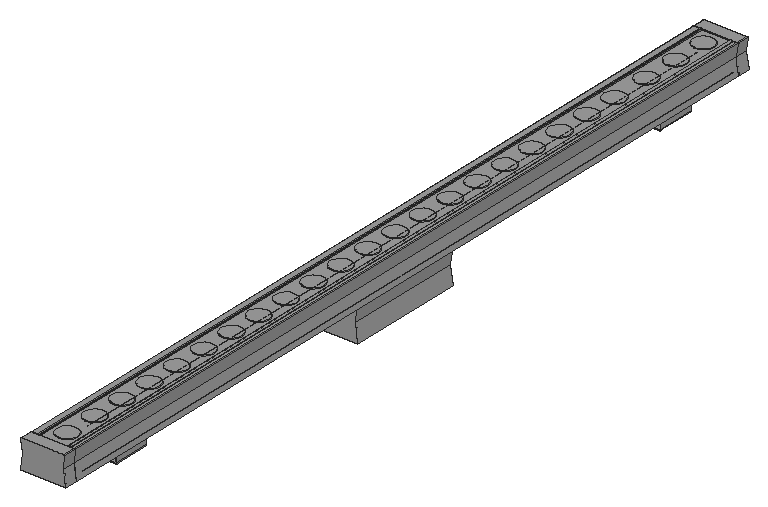
Revit family "SH-1395-80CM", category Lighting Fixtures, Revit 2017
Family settings
  Round Connector Dimension = Use Diameter
  Part Type = Normal
  OmniClass Number = 23.80.70.00
  OmniClass Title = Lighting
  Work Plane-Based = Yes
  Always vertical = No
  Cut with Voids When Loaded = No
  Light Source = No
  Shared = Yes
  Room Calculation Point = No
Parameters (values of type "Sh-1395-24W-80cm(anodized aluminum color-6500K-LED)")
  wattage = 24 W
  instalation = ""
  consumption current = 0.18 A
  color temperature = "6500K"
  color rendering index(CRI) = ""
  Width = 4.2377 cm
  Website = "www.shoaco.com"
  Voltage/Frequency = "230V/50HZ"
  URL = "https://www.shoaco.com/fa/product/%D9%BE%D8%B1%D9%88%DA%98%DA%A9%D8%AA%D9%88%D8%B1-%D9%87%D8%A7/533-%D9%88%D8%A7%D9%84-%D9%88%D8%A7%D8%B4%D8%B1-sh-1395-24LED.html"
  Type medule = "Power LED"
  Protection Class = "Class I"
  Model = "SH-1395-40cm"
  Manufacturer = "SHOA"
  Luminaire Vertical Angle [instance] = 0.00°
  Length = 82.3547 cm
  Lamp = "LED"
  IP = "IP65"
  Height = 7.345 cm
  Flicker = "Free Flicker"
  Default Elevation = 121.92 cm
  Body color = Anodize color
  Body Material = "Aluminum"
  6500K = yes
  3000K = no
  2000K = no
Types (4, lengths in cm): name | color temperature | 6500K | 3000K | 2000K
  (no name) | "6500K" | yes | no | no
  Sh-1395-24W-80cm(anodized aluminum color-3000K-LED) | "3000K" | no | yes | no
  Sh-1395-24W-80cm(anodized aluminum color-2000K-LED) | "2000K" | no | no | yes
  Sh-1395-24W-80cm(anodized aluminum color-6500K-LED) | "6500K" | yes | no | no
Reference planes (cm)
  plane 1 "Light Source Axis (F/B)": y = 0
  plane 2: z = 0
  plane 3 "Light Source Axis (L/R)": x = 0
  plane 4 "Light Source Elevation": z = 137.16
  plane 5: x = -1.2506
  plane 6: x = 2.9871
  plane 7: z = 7.345
Forms (cm)
  Extrusion 1, solid, not visible
    sketch origin (58.7935, 36.7249, 0) x (1, 0, 0) y (0, 1, 0)
      loop
        line (31.2065, 29.2751) -> (-148.7935, 29.2751) -> (-148.7935, -100.7249) -> (31.2065, -100.7249) -> (31.2065, 29.2751)
    from -8 to 0
Dimensions and locks (cm)
  "Width": plane 5 to plane 6
  "Height": plane 7 to Extrusion 1
  "Length": nested 2 to nested 2
  aligned and locked: level to plane 2
  aligned and locked: level to Extrusion 1
Automatic sketch dimensions
  plane 5 to Extrusion 1 sketch curve = 88.7494 cm
  Extrusion 1 sketch curve to plane 6 = 87.0129 cm
  plane 1 "Light Source Axis (F/B)" to Extrusion 1 sketch curve = 64.0 cm
  Extrusion 1 sketch curve to plane 1 "Light Source Axis (F/B)" = 66.0 cm
Nested families (cm)
  nested 1: "1395-80cm.ies" at (0.9072, -15.4352, 7.8177) x (0.0004, 0, -1) z (0, 1, 0), visible <- "2000K", type "1395-80cm-2000K"
  nested 2: "1395-80cm" at (0.8689, -6.1875, 3.1013) x (-1, 0, 0) z (0, 0, 1), Luminaire Vertical Angle <- "Luminaire Vertical Angle", Body color <- "Body color", type "1395-80cm"
    with Luminaire Vertical Angle 0.00°, Body color Anodize color
  nested 3: "1395-80cm.ies" at (0.9072, 38.2083, 7.823) x (0.0004, 0, -1) z (0, 1, 0), visible <- "2000K", type "1395-80cm-2000K"
  nested 4: "1395-80cm.ies" at (0.9072, 14.3283, 7.7916) x (0.0004, 0, -1) z (0, 1, 0), visible <- "2000K", type "1395-80cm-2000K"
  nested 5: "1395-80cm.ies" at (0.9072, 17.5673, 7.823) x (0.0004, 0, -1) z (0, 1, 0), visible <- "2000K", type "1395-80cm-2000K"
  nested 6: "1395-80cm.ies" at (0.9072, 20.8831, 7.823) x (0.0004, 0, -1) z (0, 1, 0), visible <- "2000K", type "1395-80cm-2000K"
  nested 7: "1395-80cm.ies" at (0.9072, 24.1006, 7.7955) x (0.0004, 0, -1) z (0, 1, 0), visible <- "2000K", type "1395-80cm-2000K"
  nested 8: "1395-80cm.ies" at (0.9072, 27.4831, 7.823) x (0.0004, 0, -1) z (0, 1, 0), visible <- "2000K", type "1395-80cm-2000K"
  nested 9: "1395-80cm.ies" at (0.9072, 31.3331, 7.823) x (0.0004, 0, -1) z (0, 1, 0), visible <- "2000K", type "1395-80cm-2000K"
  nested 10: "1395-80cm.ies" at (0.9072, 34.7981, 7.823) x (0.0004, 0, -1) z (0, 1, 0), visible <- "2000K", type "1395-80cm-2000K"
  nested 11: "1395-80cm.ies" at (0.9072, 10.9006, 7.823) x (0.0004, 0, -1) z (0, 1, 0), visible <- "2000K", type "1395-80cm-2000K"
  nested 12: "1395-80cm.ies" at (0.9072, -38.6327, 7.8901) x (0.0004, 0, -1) z (0, 1, 0), visible <- "2000K", type "1395-80cm-2000K"
  nested 13: "1395-80cm.ies" at (0.9072, -35.2471, 7.8135) x (0.0004, 0, -1) z (0, 1, 0), visible <- "2000K", type "1395-80cm-2000K"
  nested 14: "1395-80cm.ies" at (0.9072, -31.9016, 7.8089) x (0.0004, 0, -1) z (0, 1, 0), visible <- "2000K", type "1395-80cm-2000K"
  nested 15: "1395-80cm.ies" at (0.9072, -28.6642, 7.8219) x (0.0004, 0, -1) z (0, 1, 0), visible <- "2000K", type "1395-80cm-2000K"
  nested 16: "1395-80cm.ies" at (0.9072, -25.3498, 7.8019) x (0.0004, 0, -1) z (0, 1, 0), visible <- "2000K", type "1395-80cm-2000K"
  nested 17: "1395-80cm.ies" at (0.9072, -22.1203, 7.8235) x (0.0004, 0, -1) z (0, 1, 0), visible <- "2000K", type "1395-80cm-2000K"
  nested 18: "1395-80cm.ies" at (0.9072, -18.6841, 7.823) x (0.0004, 0, -1) z (0, 1, 0), visible <- "2000K", type "1395-80cm-2000K"
  nested 19: "1395-80cm.ies" at (0.9072, -12.0767, 7.8231) x (0.0004, 0, -1) z (0, 1, 0), visible <- "2000K", type "1395-80cm-2000K"
  nested 20: "1395-80cm.ies" at (0.9072, -8.8537, 7.844) x (0.0004, 0, -1) z (0, 1, 0), visible <- "2000K", type "1395-80cm-2000K"
  nested 21: "1395-80cm.ies" at (0.9072, -5.4434, 7.7398) x (0.0004, 0, -1) z (0, 1, 0), visible <- "2000K", type "1395-80cm-2000K"
  nested 22: "1395-80cm.ies" at (0.9072, -2.1995, 7.7814) x (0.0004, 0, -1) z (0, 1, 0), visible <- "2000K", type "1395-80cm-2000K"
  nested 23: "1395-80cm.ies" at (0.9072, 1.1206, 7.7817) x (0.0004, 0, -1) z (0, 1, 0), visible <- "2000K", type "1395-80cm-2000K"
  nested 24: "1395-80cm.ies" at (0.9072, 4.4022, 7.7822) x (0.0004, 0, -1) z (0, 1, 0), visible <- "2000K", type "1395-80cm-2000K"
  nested 25: "1395-80cm.ies" at (0.9072, 7.6329, 7.7822) x (0.0004, 0, -1) z (0, 1, 0), visible <- "2000K", type "1395-80cm-2000K"
  nested 26: "1395-80cm.ies" at (0.9072, 38.2083, 7.823) x (0.0004, 0, -1) z (0, 1, 0), visible <- "3000K", type "1395-80cm-3000K"
  nested 27: "1395-80cm.ies" at (0.9072, 14.3283, 7.7916) x (0.0004, 0, -1) z (0, 1, 0), visible <- "3000K", type "1395-80cm-3000K"
  nested 28: "1395-80cm.ies" at (0.9072, 17.5673, 7.823) x (0.0004, 0, -1) z (0, 1, 0), visible <- "3000K", type "1395-80cm-3000K"
  nested 29: "1395-80cm.ies" at (0.9072, 20.8831, 7.823) x (0.0004, 0, -1) z (0, 1, 0), visible <- "3000K", type "1395-80cm-3000K"
  nested 30: "1395-80cm.ies" at (0.9072, 24.1006, 7.7955) x (0.0004, 0, -1) z (0, 1, 0), visible <- "3000K", type "1395-80cm-3000K"
  nested 31: "1395-80cm.ies" at (0.9072, 27.4831, 7.823) x (0.0004, 0, -1) z (0, 1, 0), visible <- "3000K", type "1395-80cm-3000K"
  nested 32: "1395-80cm.ies" at (0.9072, 31.3331, 7.823) x (0.0004, 0, -1) z (0, 1, 0), visible <- "3000K", type "1395-80cm-3000K"
  nested 33: "1395-80cm.ies" at (0.9072, 34.7981, 7.823) x (0.0004, 0, -1) z (0, 1, 0), visible <- "3000K", type "1395-80cm-3000K"
  nested 34: "1395-80cm.ies" at (0.9072, 10.9006, 7.823) x (0.0004, 0, -1) z (0, 1, 0), visible <- "3000K", type "1395-80cm-3000K"
  nested 35: "1395-80cm.ies" at (0.9072, -38.6327, 7.8901) x (0.0004, 0, -1) z (0, 1, 0), visible <- "3000K", type "1395-80cm-3000K"
  nested 36: "1395-80cm.ies" at (0.9072, -35.2471, 7.8135) x (0.0004, 0, -1) z (0, 1, 0), visible <- "3000K", type "1395-80cm-3000K"
  nested 37: "1395-80cm.ies" at (0.9072, -31.9016, 7.8089) x (0.0004, 0, -1) z (0, 1, 0), visible <- "3000K", type "1395-80cm-3000K"
  nested 38: "1395-80cm.ies" at (0.9072, -28.6642, 7.8219) x (0.0004, 0, -1) z (0, 1, 0), visible <- "3000K", type "1395-80cm-3000K"
  nested 39: "1395-80cm.ies" at (0.9072, -25.3498, 7.8019) x (0.0004, 0, -1) z (0, 1, 0), visible <- "3000K", type "1395-80cm-3000K"
  nested 40: "1395-80cm.ies" at (0.9072, -22.1203, 7.8235) x (0.0004, 0, -1) z (0, 1, 0), visible <- "3000K", type "1395-80cm-3000K"
  nested 41: "1395-80cm.ies" at (0.9072, -18.6841, 7.823) x (0.0004, 0, -1) z (0, 1, 0), visible <- "3000K", type "1395-80cm-3000K"
  nested 42: "1395-80cm.ies" at (0.9072, -12.0767, 7.8231) x (0.0004, 0, -1) z (0, 1, 0), visible <- "3000K", type "1395-80cm-3000K"
  nested 43: "1395-80cm.ies" at (0.9072, -8.8537, 7.844) x (0.0004, 0, -1) z (0, 1, 0), visible <- "3000K", type "1395-80cm-3000K"
  nested 44: "1395-80cm.ies" at (0.9072, -5.4434, 7.7398) x (0.0004, 0, -1) z (0, 1, 0), visible <- "3000K", type "1395-80cm-3000K"
  nested 45: "1395-80cm.ies" at (0.9072, -2.1995, 7.7814) x (0.0004, 0, -1) z (0, 1, 0), visible <- "3000K", type "1395-80cm-3000K"
  nested 46: "1395-80cm.ies" at (0.9072, 1.1206, 7.7817) x (0.0004, 0, -1) z (0, 1, 0), visible <- "3000K", type "1395-80cm-3000K"
  nested 47: "1395-80cm.ies" at (0.9072, 4.4022, 7.7822) x (0.0004, 0, -1) z (0, 1, 0), visible <- "3000K", type "1395-80cm-3000K"
  nested 48: "1395-80cm.ies" at (0.9072, 7.6329, 7.7822) x (0.0004, 0, -1) z (0, 1, 0), visible <- "3000K", type "1395-80cm-3000K"
  nested 49: "1395-80cm.ies" at (0.9072, -19.9341, 7.823) x (0.0004, 0, -1) z (0, 1, 0), visible <- "3000K", type "1395-80cm-3000K"
  nested 50: "1395-80cm.ies" at (0.9072, 38.2083, 7.823) x (0.0004, 0, -1) z (0, 1, 0), visible <- "6500K", type "1395-80cm-6500K"
  nested 51: "1395-80cm.ies" at (0.9072, 14.3283, 7.7916) x (0.0004, 0, -1) z (0, 1, 0), visible <- "6500K", type "1395-80cm-6500K"
  nested 52: "1395-80cm.ies" at (0.9072, 17.5673, 7.823) x (0.0004, 0, -1) z (0, 1, 0), visible <- "6500K", type "1395-80cm-6500K"
  nested 53: "1395-80cm.ies" at (0.9072, 20.8831, 7.823) x (0.0004, 0, -1) z (0, 1, 0), visible <- "6500K", type "1395-80cm-6500K"
  nested 54: "1395-80cm.ies" at (0.9072, 24.1006, 7.7955) x (0.0004, 0, -1) z (0, 1, 0), visible <- "6500K", type "1395-80cm-6500K"
  nested 55: "1395-80cm.ies" at (0.9072, 27.4831, 7.823) x (0.0004, 0, -1) z (0, 1, 0), visible <- "6500K", type "1395-80cm-6500K"
  nested 56: "1395-80cm.ies" at (0.9072, 31.3331, 7.823) x (0.0004, 0, -1) z (0, 1, 0), visible <- "6500K", type "1395-80cm-6500K"
  nested 57: "1395-80cm.ies" at (0.9072, 34.7981, 7.823) x (0.0004, 0, -1) z (0, 1, 0), visible <- "6500K", type "1395-80cm-6500K"
  nested 58: "1395-80cm.ies" at (0.9072, 10.9006, 7.823) x (0.0004, 0, -1) z (0, 1, 0), visible <- "6500K", type "1395-80cm-6500K"
  nested 59: "1395-80cm.ies" at (0.9072, -38.6327, 7.8901) x (0.0004, 0, -1) z (0, 1, 0), visible <- "6500K", type "1395-80cm-6500K"
  nested 60: "1395-80cm.ies" at (0.9072, -35.2471, 7.8135) x (0.0004, 0, -1) z (0, 1, 0), visible <- "6500K", type "1395-80cm-6500K"
  nested 61: "1395-80cm.ies" at (0.9072, -31.9016, 7.8089) x (0.0004, 0, -1) z (0, 1, 0), visible <- "6500K", type "1395-80cm-6500K"
  nested 62: "1395-80cm.ies" at (0.9072, -28.6642, 7.8219) x (0.0004, 0, -1) z (0, 1, 0), visible <- "6500K", type "1395-80cm-6500K"
  nested 63: "1395-80cm.ies" at (0.9072, -25.3498, 7.8019) x (0.0004, 0, -1) z (0, 1, 0), visible <- "6500K", type "1395-80cm-6500K"
  nested 64: "1395-80cm.ies" at (0.9072, -22.1203, 7.8235) x (0.0004, 0, -1) z (0, 1, 0), visible <- "6500K", type "1395-80cm-6500K"
  nested 65: "1395-80cm.ies" at (0.9072, -18.6841, 7.823) x (0.0004, 0, -1) z (0, 1, 0), visible <- "6500K", type "1395-80cm-6500K"
  nested 66: "1395-80cm.ies" at (0.9072, -12.0767, 7.8231) x (0.0004, 0, -1) z (0, 1, 0), visible <- "6500K", type "1395-80cm-6500K"
  nested 67: "1395-80cm.ies" at (0.9072, -8.8537, 7.844) x (0.0004, 0, -1) z (0, 1, 0), visible <- "6500K", type "1395-80cm-6500K"
  nested 68: "1395-80cm.ies" at (0.9072, -5.4434, 7.7398) x (0.0004, 0, -1) z (0, 1, 0), visible <- "6500K", type "1395-80cm-6500K"
  nested 69: "1395-80cm.ies" at (0.9072, -2.1995, 7.7814) x (0.0004, 0, -1) z (0, 1, 0), visible <- "6500K", type "1395-80cm-6500K"
  nested 70: "1395-80cm.ies" at (0.9072, 1.1206, 7.7817) x (0.0004, 0, -1) z (0, 1, 0), visible <- "6500K", type "1395-80cm-6500K"
  nested 71: "1395-80cm.ies" at (0.9072, 4.4022, 7.7822) x (0.0004, 0, -1) z (0, 1, 0), visible <- "6500K", type "1395-80cm-6500K"
  nested 72: "1395-80cm.ies" at (0.9072, 7.6329, 7.7822) x (0.0004, 0, -1) z (0, 1, 0), visible <- "6500K", type "1395-80cm-6500K"
  nested 73: "1395-80cm.ies" at (0.9072, -19.9341, 7.823) x (0.0004, 0, -1) z (0, 1, 0), visible <- "6500K", type "1395-80cm-6500K"
Connectors (cm)
  electrical at (0.882, -0.4982, 1.0216)
    settings: on nested 2, index 1, voltage 230 V, apparent load 0 VA, apparent load phase1 0 VA, apparent load phase2 0 VA, apparent load phase3 0 VA, power factor 1, load classification "Other", number of poles 1, system type 31, power factor state 1, is connector primary yes, connector utility no, sub classification motor no, connector description ""
Definition of nested family "1395-80cm"
  Parameters (values of type "Family3")
    Luminaire Vertical Angle [instance] = 0.00°
    Default Elevation = 121.92 cm
    Body color [instance] = none
  Reference planes (cm)
    plane 1 "Center (Front/Back)": y = 0
    plane 2: z = 0
    plane 3 "Center (Left/Right)": x = 0
  Forms (cm)
    Extrusion 1, solid, not visible
      sketch origin (0, 0, 0) x (1, 0, 0) y (0, 1, 0)
        loop
          line (50, 59.7561) -> (-50, 59.7561) -> (-50, -66) -> (50, -66) -> (50, 59.7561)
      from 0 to -7.867
    Extrusion 2, solid, material <- "Body color"
      sketch origin (-0.0032, 0, 27.9152) x (-0.000432, 0, -1) y (1, 0, -0.000432)
        loop
          line (26.9927, 1.965) -> (26.9927, 2.201) -> (25.4269, 1.9786) -> (24.26, 2.1282)
          arc (24.26, 2.1282) -> (24.2021, 2.1105) -> (24.1771, 2.0553) r 0.0735
          line (24.1771, 2.0553) -> (24.1771, 1.4818)
          arc (24.1771, 1.4818) -> (24.1926, 1.4443) -> (24.2301, 1.4288) r 0.053
          line (24.2301, 1.4288) -> (24.3275, 1.4288)
          arc (24.3275, 1.4288) -> (24.3701, 1.4464) -> (24.3878, 1.489) r 0.0603
          line (24.3878, 1.489) -> (24.3878, 1.5758) -> (24.2888, 1.6376) -> (24.303, 1.7275) -> (24.7028, 1.7275) -> (25.025, 1.7275)
          arc (25.025, 1.7275) -> (25.0623, 1.7121) -> (25.0778, 1.6748) r 0.0528
          line (25.0778, 1.6748) -> (25.0778, 1.5075) -> (24.9378, 1.5075) -> (24.9378, 1.3775) -> (26.2978, 1.3775) -> (26.2978, 1.5075) -> (26.4976, 1.5075)
          arc (26.4976, 1.5075) -> (26.5331, 1.4929) -> (26.5478, 1.4574) r 0.0501
          line (26.5478, 1.4574) -> (26.5478, 0.0075) -> (26.5478, -1.4423)
          arc (26.5478, -1.4423) -> (26.5331, -1.4778) -> (26.4976, -1.4925) r 0.0501
          line (26.4976, -1.4925) -> (26.2978, -1.4925) -> (26.2978, -1.3625) -> (24.9378, -1.3625) -> (24.9378, -1.4925) -> (25.0778, -1.4925) -> (25.0778, -1.6597)
          arc (25.0778, -1.6597) -> (25.0623, -1.697) -> (25.025, -1.7125) r 0.0528
          line (25.025, -1.7125) -> (24.7028, -1.7125) -> (24.303, -1.7125) -> (24.2888, -1.6225) -> (24.3878, -1.5607) -> (24.3878, -1.474)
          arc (24.3878, -1.474) -> (24.3701, -1.4313) -> (24.3275, -1.4137) r 0.0603
          line (24.3275, -1.4137) -> (24.2301, -1.4137)
          arc (24.2301, -1.4137) -> (24.1926, -1.4292) -> (24.1771, -1.4667) r 0.053
          line (24.1771, -1.4667) -> (24.1771, -2.0402)
          arc (24.1771, -2.0402) -> (24.2021, -2.0954) -> (24.26, -2.1132) r 0.0735
          line (24.26, -2.1132) -> (25.4269, -1.9635) -> (26.9927, -2.1859) -> (26.9927, -1.9499) -> (26.6878, -1.9066) -> (26.6878, -1.8073)
          arc (26.6878, -1.8073) -> (26.6463, -1.7538) -> (26.5841, -1.7806) r 0.0553
          arc (26.5841, -1.7806) -> (26.4628, -1.8346) -> (26.3779, -1.7326) r 0.11
          arc (26.3779, -1.7326) -> (26.4468, -1.6253) -> (26.5708, -1.6553) r 0.11
          arc (26.5708, -1.6553) -> (26.6444, -1.6741) -> (26.6878, -1.6116) r 0.0666
          line (26.6878, -1.6116) -> (26.6878, -1.4707)
          arc (26.6878, -1.4707) -> (26.7048, -1.4295) -> (26.746, -1.4125) r 0.0583
          line (26.746, -1.4125) -> (26.8353, -1.4125)
          arc (26.8353, -1.4125) -> (26.8729, -1.428) -> (26.8885, -1.4657) r 0.0532
          line (26.8885, -1.4657) -> (26.8885, -1.5901)
          arc (26.8885, -1.5901) -> (26.9396, -1.6411) -> (26.9907, -1.5901) r 0.0511
          line (26.9907, -1.5901) -> (26.9907, -1.234)
          arc (26.9907, -1.234) -> (26.9756, -1.1976) -> (26.9391, -1.1825) r 0.0516
          line (26.9391, -1.1825) -> (26.7278, -1.1825)
          arc (26.7278, -1.1825) -> (26.6678, -1.1225) -> (26.7278, -1.0625) r 0.06
          line (26.7278, -1.0625) -> (26.9465, -1.0625)
          arc (26.9465, -1.0625) -> (26.9915, -1.0175) -> (26.9465, -0.9725) r 0.045
          line (26.9465, -0.9725) -> (26.7278, -0.9725)
          arc (26.7278, -0.9725) -> (26.6678, -0.9125) -> (26.7278, -0.8525) r 0.06
          line (26.7278, -0.8525) -> (26.9543, -0.8525)
          arc (26.9543, -0.8525) -> (26.9993, -0.8075) -> (26.9543, -0.7625) r 0.045
          line (26.9543, -0.7625) -> (26.7278, -0.7625)
          arc (26.7278, -0.7625) -> (26.6678, -0.7025) -> (26.7278, -0.6425) r 0.06
          line (26.7278, -0.6425) -> (26.9465, -0.6425)
          arc (26.9465, -0.6425) -> (26.9915, -0.5975) -> (26.9465, -0.5525) r 0.045
          line (26.9465, -0.5525) -> (26.7278, -0.5525)
          arc (26.7278, -0.5525) -> (26.6678, -0.4925) -> (26.7278, -0.4325) r 0.06
          line (26.7278, -0.4325) -> (26.9379, -0.4325)
          arc (26.9379, -0.4325) -> (26.9747, -0.4172) -> (26.9899, -0.3804) r 0.052
          line (26.9899, -0.3804) -> (26.9899, 0.0075) -> (26.9899, 0.3955)
          arc (26.9899, 0.3955) -> (26.9747, 0.4323) -> (26.9379, 0.4475) r 0.052
          line (26.9379, 0.4475) -> (26.7278, 0.4475)
          arc (26.7278, 0.4475) -> (26.6678, 0.5075) -> (26.7278, 0.5675) r 0.06
          line (26.7278, 0.5675) -> (26.9543, 0.5675)
          arc (26.9543, 0.5675) -> (26.9993, 0.6125) -> (26.9543, 0.6575) r 0.045
          line (26.9543, 0.6575) -> (26.7278, 0.6575)
          arc (26.7278, 0.6575) -> (26.6678, 0.7175) -> (26.7278, 0.7775) r 0.06
          line (26.7278, 0.7775) -> (26.9465, 0.7775)
          arc (26.9465, 0.7775) -> (26.9915, 0.8225) -> (26.9465, 0.8675) r 0.045
          line (26.9465, 0.8675) -> (26.7278, 0.8675)
          arc (26.7278, 0.8675) -> (26.6678, 0.9275) -> (26.7278, 0.9875) r 0.06
          line (26.7278, 0.9875) -> (26.9543, 0.9875)
          arc (26.9543, 0.9875) -> (26.9993, 1.0325) -> (26.9543, 1.0775) r 0.045
          line (26.9543, 1.0775) -> (26.7278, 1.0775)
          arc (26.7278, 1.0775) -> (26.6678, 1.1375) -> (26.7278, 1.1975) r 0.06
          line (26.7278, 1.1975) -> (26.9391, 1.1975)
          arc (26.9391, 1.1975) -> (26.9756, 1.2126) -> (26.9907, 1.2491) r 0.0516
          line (26.9907, 1.2491) -> (26.9907, 1.6051)
          arc (26.9907, 1.6051) -> (26.9396, 1.6562) -> (26.8885, 1.6051) r 0.0511
          line (26.8885, 1.6051) -> (26.8885, 1.4808)
          arc (26.8885, 1.4808) -> (26.8729, 1.4431) -> (26.8353, 1.4275) r 0.0532
          line (26.8353, 1.4275) -> (26.746, 1.4275)
          arc (26.746, 1.4275) -> (26.7048, 1.4446) -> (26.6878, 1.4858) r 0.0583
          line (26.6878, 1.4858) -> (26.6878, 1.6267)
          arc (26.6878, 1.6267) -> (26.6444, 1.6892) -> (26.5708, 1.6704) r 0.0666
          arc (26.5708, 1.6704) -> (26.4468, 1.6404) -> (26.3779, 1.7477) r 0.11
          arc (26.3779, 1.7477) -> (26.4628, 1.8497) -> (26.5841, 1.7957) r 0.11
          arc (26.5841, 1.7957) -> (26.6463, 1.7688) -> (26.6878, 1.8224) r 0.0553
          line (26.6878, 1.8224) -> (26.6878, 1.9217) -> (26.9983, 1.9658)
      from -34.0478 to 45.9068
    Extrusion 3, solid, material <- "Body color"
      sketch origin (-0.0032, 0, 27.9152) x (-0.000432, 0, -1) y (1, 0, -0.000432)
        loop
          line (24.9378, -1.4925) -> (24.9378, 1.5075) -> (24.8466, 1.5075) -> (24.8466, -1.4925) -> (24.9378, -1.4925)
      from 45.9068 to -34.0478
    Extrusion 4, solid, material <- "Body color"
      sketch origin (-0.0032, 0, 27.9152) x (-0.000432, 0, -1) y (1, 0, -0.000432)
        loop
          line (24.2301, 1.4288) -> (24.2301, -1.4137) -> (24.3275, -1.4137) -> (24.3275, 1.4288) -> (24.2301, 1.4288)
      from 45.9068 to -34.0478
    Extrusion 5, solid, material <- "Body color"
      sketch origin (-0.0032, 0, 27.9152) x (-0.000432, 0, -1) y (1, 0, -0.000432)
        loop
          line (26.8366, -1.5373) -> (26.7566, -1.5373) -> (26.7566, -1.7172)
          arc (26.7566, -1.7172) -> (26.7952, -1.8104) -> (26.8884, -1.849) r 0.1318
          line (26.8884, -1.849) -> (27.8524, -1.849)
          arc (27.8524, -1.849) -> (27.9454, -1.8105) -> (27.9839, -1.7175) r 0.1315
          line (27.9839, -1.7175) -> (27.9839, -0.2396)
          arc (27.9839, -0.2396) -> (28.1337, -0.1536) -> (28.2155, -0.0016) r 0.3148
          arc (28.2155, -0.0016) -> (28.1337, 0.1504) -> (27.9839, 0.2364) r 0.3148
          line (27.9839, 0.2364) -> (27.9839, 1.6752)
          arc (27.9839, 1.6752) -> (27.9454, 1.7682) -> (27.8524, 1.8067) r 0.1315
          line (27.8524, 1.8067) -> (26.8884, 1.8067)
          arc (26.8884, 1.8067) -> (26.7952, 1.7681) -> (26.7566, 1.6749) r 0.1318
          line (26.7566, 1.6749) -> (26.7566, 1.5373) -> (26.8366, 1.5373) -> (26.8366, 1.6749)
          arc (26.8366, 1.6749) -> (26.8518, 1.7115) -> (26.8884, 1.7267) r 0.0518
          line (26.8884, 1.7267) -> (27.8524, 1.7267)
          arc (27.8524, 1.7267) -> (27.8889, 1.7116) -> (27.9039, 1.6752) r 0.0515
          line (27.9039, 1.6752) -> (27.9039, 0.2207)
          arc (27.9039, 0.2207) -> (27.9177, 0.1823) -> (27.9528, 0.1614) r 0.0604
          arc (27.9528, 0.1614) -> (28.0656, 0.105) -> (28.1329, -0.0016) r 0.2348
          arc (28.1329, -0.0016) -> (28.0656, -0.1082) -> (27.9528, -0.1646) r 0.2348
          arc (27.9528, -0.1646) -> (27.9177, -0.1855) -> (27.9039, -0.2239) r 0.0604
          line (27.9039, -0.2239) -> (27.9039, -1.7175)
          arc (27.9039, -1.7175) -> (27.8889, -1.754) -> (27.8524, -1.769) r 0.0515
          line (27.8524, -1.769) -> (26.8884, -1.769)
          arc (26.8884, -1.769) -> (26.8518, -1.7539) -> (26.8366, -1.7172) r 0.0518
          line (26.8366, -1.7172) -> (26.8366, -1.5373)
      from 37.0231 to 40.5707
    Extrusion 6, solid, material <- "Body color"
      sketch origin (-0.0032, 0, 27.9152) x (-0.000432, 0, -1) y (1, 0, -0.000432)
        loop
          arc (24.26, 2.1245) -> (24.2021, 2.1068) -> (24.1771, 2.0516) r 0.0735
          line (24.1771, 2.0516) -> (24.1771, -2.04)
          arc (24.1771, -2.04) -> (24.2021, -2.0952) -> (24.26, -2.1129) r 0.0735
          line (24.26, -2.1129) -> (25.4126, -1.9651) -> (26.9996, -2.1906) -> (26.9996, 2.1965) -> (25.4336, 1.974) -> (24.26, 2.1245)
      from 45.9068 to 47.0972
    Extrusion 7, solid, material <- "Body color"
      sketch origin (-0.0032, 0, 27.9152) x (-0.000432, 0, -1) y (1, 0, -0.000432)
        loop
          line (24.1771, 2.0553) -> (24.1771, -2.0402)
          arc (24.1771, -2.0402) -> (24.2021, -2.0954) -> (24.26, -2.1132) r 0.0735
          line (24.26, -2.1132) -> (25.4269, -1.9635) -> (26.9996, -2.1869) -> (26.9996, 2.202) -> (25.4269, 1.9786) -> (24.26, 2.1282)
          arc (24.26, 2.1282) -> (24.2021, 2.1105) -> (24.1771, 2.0553) r 0.0735
      from -35.2575 to -34.0478
    Extrusion 8, solid
      sketch origin (1.4152, 0, 3.6844) x (-1, 0, 0.000432) y (0, -1, 0)
        loop
          circle (1.4738, 44.3792) r 1
      from -0.3052 to 0.0069
    Extrusion 9, solid
      sketch origin (1.4152, 0, 3.6844) x (-1, 0, 0.000432) y (0, -1, 0)
        loop
          circle (1.4738, -32.4004) r 1
      from -0.3052 to 0.0069
    Extrusion 10, solid, material <- "Body color"
      sketch origin (-0.0032, 0, 27.9152) x (-0.000432, 0, -1) y (1, 0, -0.000432)
        loop
          line (26.9899, 2.0516) -> (26.9899, -2.04)
          arc (26.9899, -2.04) -> (27.0149, -2.0952) -> (27.0728, -2.1129) r 0.0735
          line (27.0728, -2.1129) -> (28.2254, -1.9651) -> (29.9949, -2.2165) -> (29.9949, 2.2224) -> (28.2464, 1.974) -> (27.0728, 2.1245)
          arc (27.0728, 2.1245) -> (27.0149, 2.1068) -> (26.9899, 2.0516) r 0.0735
      from 0 to 11.3786
    Extrusion 11, solid, material <- "Body color"
      sketch origin (-0.0032, 0, 27.9152) x (-0.000432, 0, -1) y (1, 0, -0.000432)
        loop
          line (26.8366, -1.5373) -> (26.7566, -1.5373) -> (26.7566, -1.7172)
          arc (26.7566, -1.7172) -> (26.7952, -1.8104) -> (26.8884, -1.849) r 0.1318
          line (26.8884, -1.849) -> (27.8547, -1.849)
          arc (27.8547, -1.849) -> (27.9477, -1.8105) -> (27.9862, -1.7175) r 0.1315
          line (27.9862, -1.7175) -> (27.9862, -0.238)
          arc (27.9862, -0.238) -> (28.136, -0.152) -> (28.2178, 0) r 0.3148
          arc (28.2178, 0) -> (28.136, 0.152) -> (27.9862, 0.238) r 0.3148
          line (27.9862, 0.238) -> (27.9862, 1.6752)
          arc (27.9862, 1.6752) -> (27.9477, 1.7682) -> (27.8547, 1.8067) r 0.1315
          line (27.8547, 1.8067) -> (26.8884, 1.8067)
          arc (26.8884, 1.8067) -> (26.7952, 1.7681) -> (26.7566, 1.6749) r 0.1318
          line (26.7566, 1.6749) -> (26.7566, 1.5373) -> (26.8366, 1.5373) -> (26.8366, 1.6749)
          arc (26.8366, 1.6749) -> (26.8518, 1.7115) -> (26.8884, 1.7267) r 0.0518
          line (26.8884, 1.7267) -> (27.8547, 1.7267)
          arc (27.8547, 1.7267) -> (27.8912, 1.7116) -> (27.9062, 1.6752) r 0.0515
          line (27.9062, 1.6752) -> (27.9062, 0.2223)
          arc (27.9062, 0.2223) -> (27.92, 0.1839) -> (27.9551, 0.163) r 0.0604
          arc (27.9551, 0.163) -> (28.0679, 0.1066) -> (28.1352, 0) r 0.2348
          arc (28.1352, 0) -> (28.0679, -0.1066) -> (27.9551, -0.163) r 0.2348
          arc (27.9551, -0.163) -> (27.92, -0.1839) -> (27.9062, -0.2223) r 0.0604
          line (27.9062, -0.2223) -> (27.9062, -1.7175)
          arc (27.9062, -1.7175) -> (27.8912, -1.754) -> (27.8547, -1.769) r 0.0515
          line (27.8547, -1.769) -> (26.8884, -1.769)
          arc (26.8884, -1.769) -> (26.8518, -1.7539) -> (26.8366, -1.7172) r 0.0518
          line (26.8366, -1.7172) -> (26.8366, -1.5373)
      from -28.6446 to -25.169
    Extrusion 12, solid
      sketch origin (1.4152, 0, 3.6844) x (-1, 0, 0.000432) y (0, -1, 0)
        loop
          circle (1.4738, -29.0983) r 1
      from -0.3052 to 0.0069
    Extrusion 13, solid
      sketch origin (1.4152, 0, 3.6844) x (-1, 0, 0.000432) y (0, -1, 0)
        loop
          circle (1.4738, -25.7982) r 1
        loop
          circle (1.4738, -22.5021) r 1
        loop
          circle (1.4738, -19.205) r 1
        loop
          circle (1.4738, -15.9079) r 1
        loop
          circle (1.4738, -12.6107) r 1
        loop
          circle (1.4738, -9.3106) r 1
        loop
          circle (1.4738, -6.0105) r 1
        loop
          circle (1.4738, -2.7104) r 1
        loop
          circle (1.4738, 0.5897) r 1
        loop
          circle (1.4738, 3.8879) r 1
        loop
          circle (1.4738, 7.1854) r 1
        loop
          circle (1.4738, 10.4855) r 1
        loop
          circle (1.4738, 13.7856) r 1
        loop
          circle (1.4738, 17.0857) r 1
        loop
          circle (1.4738, 20.3859) r 1
        loop
          circle (1.4738, 23.686) r 1
        loop
          circle (1.4738, 26.9826) r 1
        loop
          circle (1.4738, 30.2864) r 1
        loop
          circle (1.4738, 33.6134) r 1
      from -0.3052 to 0.0069
    Extrusion 14, solid
      sketch origin (1.4152, 0, 3.6844) x (-1, 0, 0.000432) y (0, -1, 0)
        loop
          circle (1.4738, 37.4547) r 1
      from -0.3052 to 0.0069
    Extrusion 15, solid
      sketch origin (1.4152, 0, 3.6844) x (-1, 0, 0.000432) y (0, -1, 0)
        loop
          circle (1.4738, 41.0048) r 1
      from -0.3052 to 0.0069
  Lines and regions (cm)
    reference lines
      curve 1: line (28, 0, 0) -> (0, 0, 0)
  Dimensions and locks (cm)
    "Luminaire Vertical Angle": angle level to curve 1
    aligned and locked: plane 2 to level
    aligned and locked: level to Extrusion 1
    aligned and locked: plane 2 to Extrusion 1
    aligned and locked: curve 1 to Extrusion 1
  Automatic sketch dimensions
    Extrusion 1 sketch curve to plane 3 "Center (Left/Right)" = 50.0 cm
    plane 3 "Center (Left/Right)" to Extrusion 1 sketch curve = 50.0 cm
    plane 1 "Center (Front/Back)" to Extrusion 1 sketch curve = 66.0 cm
    Extrusion 1 sketch curve to plane 1 "Center (Front/Back)" = 59.7561 cm
    Extrusion 2 sketch curve to Extrusion 2 sketch curve = 0.0 cm  (x12)
    Extrusion 2 sketch curve to curve 1 = 3.7381 cm  (x2)
    Extrusion 2 sketch curve to Extrusion 2 sketch curve = 0.053 cm  (x2)
    Extrusion 2 sketch curve to Extrusion 2 sketch curve = 0.0735 cm  (x2)
    Extrusion 2 sketch curve to Extrusion 2 sketch curve = 0.0093 cm  (x2)
    Extrusion 2 sketch curve to Extrusion 2 sketch curve = 0.0587 cm  (x2)
    Extrusion 2 sketch curve to Extrusion 2 sketch curve = 0.0142 cm  (x2)
    Extrusion 2 sketch curve to Extrusion 2 sketch curve = 0.0974 cm  (x2)
    Extrusion 2 sketch curve to Extrusion 2 sketch curve = 0.0603 cm  (x2)
    Extrusion 2 sketch curve to Extrusion 2 sketch curve = 0.315 cm  (x2)
    Extrusion 2 sketch curve to Extrusion 2 sketch curve = 0.235 cm  (x2)
    Extrusion 2 sketch curve to Extrusion 2 sketch curve = 0.0872 cm  (x2)
    Extrusion 2 sketch curve to Extrusion 2 sketch curve = 0.14 cm  (x2)
    Extrusion 2 sketch curve to Extrusion 2 sketch curve = 0.0528 cm
    Extrusion 2 sketch curve to Extrusion 2 sketch curve = 0.3492 cm  (x2)
    Extrusion 2 sketch curve to Extrusion 2 sketch curve = 0.8708 cm
    Extrusion 2 sketch curve to curve 1 = 1.6174 cm
    Extrusion 2 sketch curve to Extrusion 2 sketch curve = 0.19 cm  (x2)
    Extrusion 2 sketch curve to Extrusion 2 sketch curve = 0.1999 cm  (x2)
    Extrusion 2 sketch curve to Extrusion 2 sketch curve = 0.0501 cm
    Extrusion 2 sketch curve to Extrusion 2 sketch curve = 0.1235 cm  (x2)
    Extrusion 2 sketch curve to Extrusion 2 sketch curve = 0.1447 cm  (x2)
    Extrusion 2 sketch curve to Extrusion 2 sketch curve = 0.0666 cm
    Extrusion 2 sketch curve to Extrusion 2 sketch curve = 0.0553 cm  (x2)
    Extrusion 2 sketch curve to curve 1 = 1.1874 cm  (x2)
    Extrusion 2 sketch curve to Extrusion 2 sketch curve = 0.04 cm
    Extrusion 2 sketch curve to Extrusion 2 sketch curve = 0.0583 cm  (x2)
    Extrusion 2 sketch curve to Extrusion 2 sketch curve = 0.0892 cm  (x2)
    Extrusion 2 sketch curve to Extrusion 2 sketch curve = 0.0532 cm  (x2)
    Extrusion 2 sketch curve to Extrusion 2 sketch curve = 0.2102 cm  (x2)
    Extrusion 2 sketch curve to Extrusion 2 sketch curve = 0.2114 cm  (x2)
    Extrusion 2 sketch curve to Extrusion 2 sketch curve = 0.0511 cm  (x2)
    Extrusion 2 sketch curve to Extrusion 2 sketch curve = 0.0086 cm
    Extrusion 2 sketch curve to curve 1 = 0.9687 cm
    Extrusion 2 sketch curve to Extrusion 2 sketch curve = 0.2187 cm
    Extrusion 2 sketch curve to curve 1 = 0.9609 cm
    Extrusion 2 sketch curve to Extrusion 2 sketch curve = 0.0078 cm  (x2)
    Extrusion 2 sketch curve to Extrusion 2 sketch curve = 0.052 cm
    Extrusion 2 sketch curve to Extrusion 2 sketch curve = 0.3049 cm  (x2)
    Extrusion 2 sketch curve to curve 1 = 2.2012 cm
    Extrusion 2 sketch curve to curve 1 = 2.1284 cm
    Extrusion 2 sketch curve to curve 1 = 1.9788 cm
    Extrusion 2 sketch curve to Extrusion 2 sketch curve = 0.236 cm  (x2)
    Extrusion 2 sketch curve to Extrusion 2 sketch curve = 0.0433 cm
    Extrusion 2 sketch curve to Extrusion 2 sketch curve = 0.0993 cm  (x2)
    Extrusion 2 sketch curve to Extrusion 2 sketch curve = 0.0798 cm
    Extrusion 2 sketch curve to Extrusion 2 sketch curve = 0.3278 cm  (x2)
    Extrusion 2 sketch curve to Extrusion 2 sketch curve = 0.0899 cm
    Extrusion 2 sketch curve to Extrusion 2 sketch curve = 0.1956 cm
    Extrusion 2 sketch curve to Extrusion 2 sketch curve = 0.0216 cm
    Extrusion 2 sketch curve to Extrusion 2 sketch curve = 0.0618 cm  (x2)
    Extrusion 2 sketch curve to Extrusion 2 sketch curve = 0.1672 cm  (x2)
    Extrusion 2 sketch curve to Extrusion 2 sketch curve = 0.1192 cm
    Extrusion 2 sketch curve to Extrusion 2 sketch curve = 0.0867 cm  (x2)
    Extrusion 2 sketch curve to Extrusion 2 sketch curve = 0.1409 cm  (x2)
    Extrusion 2 sketch curve to Extrusion 2 sketch curve = 0.13 cm  (x2)
    Extrusion 2 sketch curve to Extrusion 2 sketch curve = 0.1784 cm  (x2)
    Extrusion 2 sketch curve to Extrusion 2 sketch curve = 0.06 cm  (x7)
    Extrusion 2 sketch curve to Extrusion 2 sketch curve = 0.045 cm  (x6)
    Extrusion 2 sketch curve to curve 1 = 0.9277 cm
    Extrusion 2 sketch curve to Extrusion 2 sketch curve = 0.388 cm  (x2)
    Extrusion 2 sketch curve to Extrusion 2 sketch curve = 0.18 cm
    Extrusion 2 sketch curve to Extrusion 2 sketch curve = 0.0512 cm
    Extrusion 2 sketch curve to Extrusion 2 sketch curve = 0.0284 cm
    Extrusion 2 sketch curve to Extrusion 2 sketch curve = 0.1244 cm
    Extrusion 2 sketch curve to Extrusion 2 sketch curve = 0.1158 cm
    Extrusion 2 sketch curve to Extrusion 2 sketch curve = 0.1519 cm
    Extrusion 2 sketch curve to Extrusion 2 sketch curve = 0.3039 cm
    Extrusion 2 sketch curve to Extrusion 2 sketch curve = 0.2794 cm
    Extrusion 2 sketch curve to Extrusion 2 sketch curve = 0.1099 cm  (x2)
    Extrusion 2 sketch curve to Extrusion 2 sketch curve = 0.0056 cm
    Extrusion 3 sketch curve to curve 1 = 3.0685 cm
    Extrusion 3 sketch curve to Extrusion 3 sketch curve = 0.0911 cm
    Extrusion 3 sketch curve to curve 1 = 1.5077 cm
    curve 1 to Extrusion 3 sketch curve = 1.4923 cm
    Extrusion 4 sketch curve to curve 1 = 3.6851 cm
    Extrusion 4 sketch curve to Extrusion 4 sketch curve = 0.0974 cm
    Extrusion 4 sketch curve to curve 1 = 1.4289 cm
    curve 1 to Extrusion 4 sketch curve = 1.4136 cm
    Extrusion 5 sketch curve to Extrusion 5 sketch curve = 0.0 cm  (x15)
    Extrusion 5 sketch curve to curve 1 = 1.1586 cm  (x2)
    Extrusion 5 sketch curve to Extrusion 5 sketch curve = 0.08 cm  (x2)
    Extrusion 5 sketch curve to Extrusion 5 sketch curve = 0.0518 cm  (x2)
    Extrusion 5 sketch curve to curve 1 = 0.0627 cm
    Extrusion 5 sketch curve to Extrusion 5 sketch curve = 0.964 cm
    Extrusion 5 sketch curve to Extrusion 5 sketch curve = 0.0515 cm  (x2)
    Extrusion 5 sketch curve to Extrusion 5 sketch curve = 0.0041 cm
    Extrusion 5 sketch curve to Extrusion 5 sketch curve = 0.0196 cm  (x2)
    Extrusion 5 sketch curve to curve 1 = 1.8643 cm
    Extrusion 5 sketch curve to Extrusion 5 sketch curve = 0.18 cm
    Extrusion 5 sketch curve to curve 1 = 0.2548 cm
    Extrusion 5 sketch curve to Extrusion 5 sketch curve = 0.0157 cm  (x2)
    Extrusion 5 sketch curve to Extrusion 5 sketch curve = 0.1548 cm  (x2)
    Extrusion 5 sketch curve to Extrusion 5 sketch curve = 0.135 cm
    Extrusion 5 sketch curve to Extrusion 5 sketch curve = 1.3166 cm
    Extrusion 5 sketch curve to Extrusion 5 sketch curve = 0.1376 cm
    Extrusion 6 sketch curve to curve 1 = 3.7381 cm
    Extrusion 6 sketch curve to Extrusion 6 sketch curve = 0.0735 cm  (x2)
    Extrusion 6 sketch curve to Extrusion 6 sketch curve = 0.0093 cm  (x2)
    Extrusion 6 sketch curve to curve 1 = 2.5026 cm
    Extrusion 6 sketch curve to Extrusion 6 sketch curve = 1.1736 cm
    Extrusion 6 sketch curve to Extrusion 6 sketch curve = 1.566 cm
    Extrusion 6 sketch curve to curve 1 = 2.2058 cm
    Extrusion 6 sketch curve to curve 1 = 2.1281 cm
    Extrusion 6 sketch curve to curve 1 = 1.9804 cm
    curve 1 to Extrusion 6 sketch curve = 1.9588 cm
    Extrusion 6 sketch curve to Extrusion 6 sketch curve = 0.0775 cm
    Extrusion 6 sketch curve to Extrusion 6 sketch curve = 0.2224 cm
    Extrusion 7 sketch curve to curve 1 = 3.7381 cm
    Extrusion 7 sketch curve to Extrusion 7 sketch curve = 0.0735 cm  (x2)
    Extrusion 7 sketch curve to Extrusion 7 sketch curve = 0.0093 cm  (x2)
    Extrusion 7 sketch curve to Extrusion 7 sketch curve = 1.1669 cm
    Extrusion 7 sketch curve to curve 1 = 2.4882 cm
    Extrusion 7 sketch curve to curve 1 = 0.9156 cm
    Extrusion 7 sketch curve to curve 1 = 2.2021 cm
    Extrusion 7 sketch curve to curve 1 = 2.1284 cm
    Extrusion 7 sketch curve to curve 1 = 1.9788 cm
    curve 1 to Extrusion 7 sketch curve = 1.9634 cm
    Extrusion 7 sketch curve to Extrusion 7 sketch curve = 0.0767 cm
    Extrusion 7 sketch curve to Extrusion 7 sketch curve = 0.2234 cm
    Extrusion 4 to Extrusion 8 sketch curve = 1.3687 cm
    Extrusion 4 to Extrusion 8 sketch curve = 1.5276 cm
    Extrusion 4 to Extrusion 9 sketch curve = 1.3687 cm
    Extrusion 4 to Extrusion 9 sketch curve = 1.6474 cm
    Extrusion 10 sketch curve to curve 1 = 0.9252 cm
    Extrusion 10 sketch curve to Extrusion 10 sketch curve = 0.0735 cm  (x2)
    Extrusion 10 sketch curve to Extrusion 10 sketch curve = 0.0093 cm  (x2)
    curve 1 to Extrusion 10 sketch curve = 0.3102 cm
    Extrusion 10 sketch curve to Extrusion 10 sketch curve = 1.1736 cm
    Extrusion 10 sketch curve to Extrusion 10 sketch curve = 1.7485 cm
    Extrusion 10 sketch curve to curve 1 = 2.2317 cm
    Extrusion 10 sketch curve to curve 1 = 2.1281 cm
    Extrusion 10 sketch curve to curve 1 = 1.9804 cm
    curve 1 to Extrusion 10 sketch curve = 1.9588 cm
    Extrusion 10 sketch curve to Extrusion 10 sketch curve = 0.0775 cm
    Extrusion 10 sketch curve to Extrusion 10 sketch curve = 0.2484 cm
    Extrusion 11 sketch curve to Extrusion 11 sketch curve = 0.0 cm  (x15)
    Extrusion 11 sketch curve to curve 1 = 1.1586 cm  (x2)
    Extrusion 11 sketch curve to Extrusion 11 sketch curve = 0.08 cm  (x2)
    Extrusion 11 sketch curve to Extrusion 11 sketch curve = 0.0518 cm  (x2)
    Extrusion 11 sketch curve to curve 1 = 0.0604 cm
    Extrusion 11 sketch curve to Extrusion 11 sketch curve = 0.9663 cm
    Extrusion 11 sketch curve to Extrusion 11 sketch curve = 0.0515 cm  (x2)
    Extrusion 11 sketch curve to Extrusion 11 sketch curve = 0.0041 cm
    Extrusion 11 sketch curve to Extrusion 11 sketch curve = 0.0196 cm  (x2)
    Extrusion 11 sketch curve to curve 1 = 1.8643 cm
    Extrusion 11 sketch curve to Extrusion 11 sketch curve = 0.18 cm
    Extrusion 11 sketch curve to curve 1 = 0.2532 cm
    Extrusion 11 sketch curve to Extrusion 11 sketch curve = 0.0157 cm  (x2)
    Extrusion 11 sketch curve to Extrusion 11 sketch curve = 0.1548 cm  (x2)
    Extrusion 11 sketch curve to Extrusion 11 sketch curve = 0.135 cm
    Extrusion 11 sketch curve to Extrusion 11 sketch curve = 1.315 cm
    Extrusion 11 sketch curve to Extrusion 11 sketch curve = 0.1376 cm
    Extrusion 4 to Extrusion 12 sketch curve = 1.3687 cm
    Extrusion 4 to Extrusion 12 sketch curve = 4.9495 cm
    Extrusion 4 to Extrusion 13 sketch curve = 1.3687 cm  (x19)
    Extrusion 4 to Extrusion 13 sketch curve = 8.2496 cm
    Extrusion 13 sketch curve to Extrusion 13 sketch curve = 3.296 cm
    Extrusion 13 sketch curve to Extrusion 13 sketch curve = 3.2971 cm  (x3)
    Extrusion 13 sketch curve to Extrusion 13 sketch curve = 3.3001 cm  (x8)
    Extrusion 13 sketch curve to Extrusion 13 sketch curve = 3.3 cm
    Extrusion 13 sketch curve to Extrusion 13 sketch curve = 3.2982 cm
    Extrusion 13 sketch curve to Extrusion 13 sketch curve = 3.2975 cm
    Extrusion 13 sketch curve to Extrusion 13 sketch curve = 3.2966 cm
    Extrusion 13 sketch curve to Extrusion 13 sketch curve = 3.3038 cm
    Extrusion 13 sketch curve to Extrusion 13 sketch curve = 3.327 cm
    Extrusion 4 to Extrusion 14 sketch curve = 1.3687 cm
    Extrusion 4 to Extrusion 14 sketch curve = 8.4522 cm
    Extrusion 4 to Extrusion 15 sketch curve = 1.3687 cm
    Extrusion 4 to Extrusion 15 sketch curve = 4.902 cm
    curve 1 to level = 0.0 cm
    curve 1 to plane 3 "Center (Left/Right)" = 0.0 cm
    radius of Extrusion 8 sketch curve = 1.0 cm
    radius of Extrusion 9 sketch curve = 1.0 cm
    radius of Extrusion 12 sketch curve = 1.0 cm
    radius of Extrusion 13 sketch curve = 1.0 cm  (x19)
    radius of Extrusion 14 sketch curve = 1.0 cm
    radius of Extrusion 15 sketch curve = 1.0 cm
Definition of nested family "1395-80cm.ies"
  Parameters (values of type "meghdad3000K")
    Wattage = 12.1178 W
    built-in parameter 1150110 = 1 (stored number, unit not read)
    built-in parameter 1114217 = 1 (stored number, unit not read)
    Tilt Angle = -90.00°
    built-in parameter 1150109 = 1 (stored number, unit not read)
    built-in parameter 1150134 = (empty or 0)
    built-in parameter 1150113 = 1 (stored number, unit not read)
    Photometric Web File = "CFAL2511-7W-3000K.ies"
    Lumens = 1800 lm
    built-in parameter 1150115 = 1 (stored number, unit not read)
    built-in parameter 1150105 = 143.24 (stored number, unit not read)
    built-in parameter 1150137 = (empty or 0)
    built-in parameter 1150139 = (empty or 0)
    built-in parameter 1150112 = 1 (stored number, unit not read)
    built-in parameter 1150114 = 1 (stored number, unit not read)
    built-in parameter 1150132 = 2
    built-in parameter 1150102 = (empty or 0)
    built-in parameter 1150138 = (empty or 0)
    built-in parameter 1150107 = 3000 (stored number, unit not read)
    built-in parameter 1150106 = 1.4324 (stored number, unit not read)
    built-in parameter 1150104 = 13.8 (stored number, unit not read)
    Dimming Lamp Color Temperature Shift = (empty or 0)
    Default Elevation = 121.92 cm
    Color Filter = 16777215
    built-in parameter 1114218 = 1 (stored number, unit not read)
    built-in parameter 1150133 = 10 (stored number, unit not read)
  Reference planes (cm)
    plane 1 "Light Source Axis (F/B)": y = 0
    plane 2: z = 0
    plane 3 "Light Source Axis (L/R)": x = 0
    plane 4 "Light Source Elevation": z = 0
  Dimensions and locks (cm)
    aligned and locked: plane 1 "Light Source Axis (F/B)" to imposter light
    aligned and locked: level to plane 2
    aligned and locked: plane 4 "Light Source Elevation" to level
